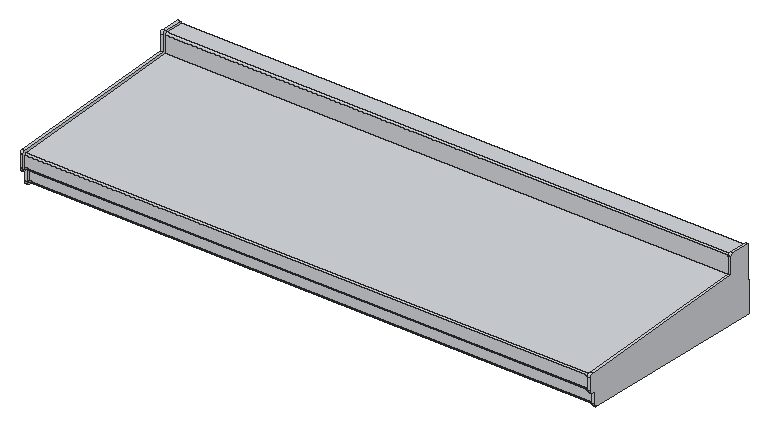
Revit family "LA_M", category Generic Models, Revit 2022
Family settings
  Can host rebar = No
  Round Connector Dimension = Use Diameter
  Part Type = Normal
  Cut with Voids When Loaded = No
  Maintain Annotation Orientation = No
  Shared = No
  Room Calculation Point = No
Parameters (values of type "LA.TR.S400B")
  URL = "https://www.meilofriks.nl/luifels/la/"
  Start_extrusion_R [instance] = if(Eindschot Rechts, 6 mm, 0 mm)  # 6 mm
  Start_extrusion_L [instance] = if(Eindschot Links, 6 mm, 0 mm)  # 6 mm
  Rad_5 = 5.3 mm
  Rad_3 = 3 mm
  Model = "LA.TR.S400B"
  Manufacturer = "Meilof Riks B.V."  # constant formula
  built-in parameter 1001306 [instance] = 1200 mm
  Kleur [instance] = none
  Eindschot Rechts [instance] = yes
  Eindschot Links [instance] = yes
  Diepte_luifel = 400 mm
  Description = "Luifel met trim"  # constant formula
  Default Elevation = 0 mm
Types (4, lengths in mm): name | Model | Diepte_luifel
  (no name) | "LA.TR.S400B" | 400
  LA.TR.S400B | "LA.TR.S400B" | 400
  LA.TR.S450B | "LA.TR.S450B" | 450
  LA.TR.S500B | "LA.TR.S500B" | 500
Reference planes
  plane 1 "Center (Front/Back)": y = 0
  plane 2: z = 0
  plane 3 "Left": x = 0
  plane 4 "Right": x = 1200
  plane 5: y = -411
  plane 6: z = 125
  plane 7: z = 87
  plane 8: y = -42
  plane 9: y = -400
  plane 10: z = 60
  plane 11: z = 25
  plane 12: y = -12.701
  plane 13: x = 1194
  plane 14: x = 6
Forms (mm)
  Extrusion 1, solid, material <- "Kleur"
    sketch origin (0, 0, 0) x (0, 1, 0) y (0, 0, 1)
      loop
        arc (-408.219, 60.203) -> (-410.197, 59.254) -> (-411, 57.211) r 3
        line (-411, 57.211) -> (-411, 32.635)
        arc (-411, 32.635) -> (-409.148, 29.863) -> (-405.879, 30.514) r 3
        line (-405.879, 30.514) -> (-400, 36.392) -> (-400, 3)
        arc (-400, 3) -> (-399.121, 0.879) -> (-397, 0) r 3
        line (-397, 0) -> (-60, 0) -> (-60, -3) -> (0, -3) -> (0, 57) -> (-3, 57) -> (-3, 0) -> (-8.076, 0) -> (-8.076, 50) -> (0, 68.297) -> (0, 124.989) -> (-39, 124.989)
        arc (-39, 124.989) -> (-41.121, 124.111) -> (-42, 121.989) r 3
        line (-42, 121.989) -> (-42, 87) -> (-408.219, 60.203)
    from 6 to 1194
  Extrusion 2, solid, material <- "Kleur", visible <- "Eindschot Links"
    sketch origin (0, 0, 0) x (0, 1, 0) y (0, 0, 1)
      loop
        line (-45, 89.789) -> (-409.087, 63.148)
        arc (-409.087, 63.148) -> (-412.582, 61.47) -> (-414, 57.862) r 5.3
        line (-414, 57.862) -> (-414, 31.814)
        arc (-414, 31.814) -> (-412.448, 28.066) -> (-408.7, 26.514) r 5.3
        line (-408.7, 26.514) -> (-403, 26.514) -> (-403, 2.3)
        arc (-403, 2.3) -> (-401.448, -1.448) -> (-397.7, -3) r 5.3
        line (-397.7, -3) -> (0, -3) -> (0, 128) -> (-39.7, 128)
        arc (-39.7, 128) -> (-43.448, 126.448) -> (-45, 122.7) r 5.3
        line (-45, 122.7) -> (-45, 89.789)
    from 0 to 6
  Extrusion 3, solid, material <- "Kleur", visible <- "Eindschot Rechts"
    sketch origin (1200, 500, 1219.2) x (0, 1, 0) y (0, 0, 1)
      loop
        line (-545, -1129.411) -> (-909.087, -1156.052)
        arc (-909.087, -1156.052) -> (-912.582, -1157.73) -> (-914, -1161.338) r 5.3
        line (-914, -1161.338) -> (-914, -1187.386)
        arc (-914, -1187.386) -> (-912.448, -1191.134) -> (-908.7, -1192.686) r 5.3
        line (-908.7, -1192.686) -> (-903, -1192.686) -> (-903, -1216.9)
        arc (-903, -1216.9) -> (-901.448, -1220.648) -> (-897.7, -1222.2) r 5.3
        line (-897.7, -1222.2) -> (-500, -1222.2) -> (-500, -1091.2) -> (-539.7, -1091.2)
        arc (-539.7, -1091.2) -> (-543.448, -1092.752) -> (-545, -1096.5) r 5.3
        line (-545, -1096.5) -> (-545, -1129.411)
    from -6 to 0
Lines and regions (mm)
  reference lines
    curve 1: line (0, 0, 0) -> (1200, 0, 0)
    curve 2: line (0, -42, 87) -> (0, -411, 60)
Dimensions and locks
  "built-in parameter 1001306": plane 3 "Left" to plane 4 "Right"
  plane 6 to level = 125 mm
  locked: plane 6 to plane 7 at 38
  locked: plane 8 to plane 1 "Center (Front/Back)" at 42
  locked: plane 5 to plane 9 at 11
  "Diepte_luifel": plane 9 to plane 1 "Center (Front/Back)"
  locked: plane 10 to level at 60
  plane 10 to plane 11 = 35 mm
  locked: Extrusion 1 sketch curve to level at 50
  locked: Extrusion 1 sketch curve to Extrusion 1 sketch curve at 20
  Extrusion 1 sketch curve to plane 1 "Center (Front/Back)" = 60 mm
  locked: Extrusion 1 sketch curve to level at 57
  Extrusion 1 sketch curve to plane 1 "Center (Front/Back)" = 8.076 mm
  plane 12 to plane 1 "Center (Front/Back)" = 12.701 mm
  locked: Extrusion 1 sketch curve to plane 1 "Center (Front/Back)" at 3
  locked: level to Extrusion 1 sketch curve at 3
  plane 10 to Extrusion 1 sketch curve = 27.365 mm
  "Start_extrusion_L": plane 3 "Left" to plane 14
  "Start_extrusion_R": plane 13 to plane 4 "Right"
  locked: Extrusion 2 sketch curve to plane 8 at 3
  locked: Extrusion 2 sketch curve to plane 6 at 3
  locked: Extrusion 2 sketch curve to Extrusion 1 at 3
  locked: Extrusion 2 sketch curve to plane 5 at 3
  locked: Extrusion 1 to Extrusion 2 sketch curve at 4
  locked: level to Extrusion 2 sketch curve at 3
  locked: Extrusion 2 sketch curve to plane 9 at 3
  locked: Extrusion 3 sketch curve to plane 6 at 3
  locked: Extrusion 3 sketch curve to plane 8 at 3
  locked: Extrusion 3 sketch curve to Extrusion 1 at 3  (x2)
  locked: Extrusion 3 sketch curve to plane 5 at 3
  locked: level to Extrusion 3 sketch curve at 3
  locked: Extrusion 1 to Extrusion 3 sketch curve at 4
  "Rad_3": radius of Extrusion 1 sketch curve  (x4)
  "Rad_5": radius of Extrusion 2 sketch curve  (x4)
  "Rad_5": radius of Extrusion 3 sketch curve  (x4)
  locked: Extrusion 1 sketch curve to plane 5 (angle 45.00°)
  aligned and locked: plane 4 "Right" to curve 1
  aligned and locked: plane 1 "Center (Front/Back)" to curve 1
  aligned and locked: plane 3 "Left" to curve 1
  aligned and locked: level to plane 2
  aligned and locked: Extrusion 1 sketch curve to level
  aligned and locked: Extrusion 1 sketch curve to plane 9
  aligned and locked: Extrusion 1 sketch curve to plane 5
  aligned and locked: plane 5 to curve 2
  aligned and locked: plane 10 to curve 2
  aligned and locked: plane 7 to curve 2
  aligned and locked: plane 8 to curve 2
  aligned and locked: Extrusion 1 sketch curve to curve 2
  aligned and locked: Extrusion 1 to plane 14
  aligned and locked: plane 13 to Extrusion 1
  aligned and locked: plane 1 "Center (Front/Back)" to Extrusion 2 sketch curve
  aligned and locked: Extrusion 2 to plane 3 "Left"
  aligned and locked: plane 1 "Center (Front/Back)" to Extrusion 3 sketch curve
  aligned and locked: plane 4 "Right" to Extrusion 3
Automatic sketch dimensions
  Extrusion 1 sketch curve to plane 7 = 0 mm
  Extrusion 1 sketch curve to plane 1 "Center (Front/Back)" = 0 mm  (x2)
  Extrusion 1 sketch curve to level = 0 mm
  Extrusion 1 sketch curve to plane 6 = 3.011 mm
